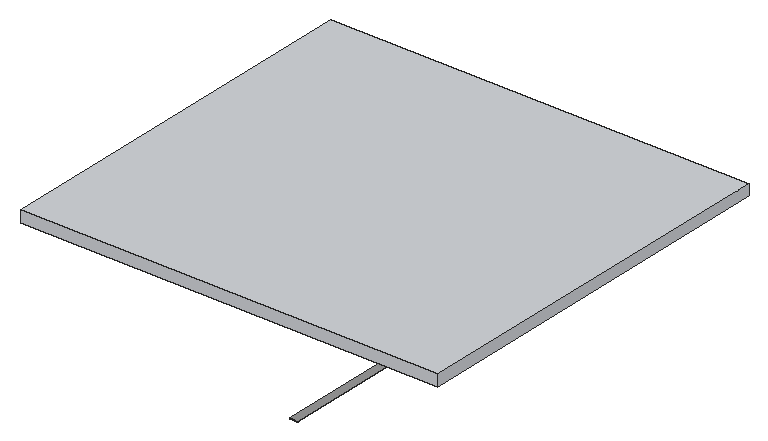
Revit family "1.Viraj 45 Pendant 1200 v1", category Air Terminals, host Face, Revit 2020
Family settings
  Host = Face
  Round Connector Dimension = Use Diameter
  Part Type = Normal
  OmniClass Number = 23.75.70.21.27.11
  OmniClass Title = Diffusers, Registers, and Grilles
  Cut with Voids When Loaded = No
  Shared = No
  Room Calculation Point = No
Parameters (values of type "Standard")
  Width 5 = Diffuser Half Width + 32 mm  # 73.5 mm
  Width 4 = Diffuser Half Width / 4  # 10.375 mm
  Width 3 = Diffuser Half Width / 3  # 13.833 mm
  Width 2 = Diffuser Half Width / 2  # 20.75 mm
  Width 1 = Diffuser Width / 2 + 12.5 mm  # 54 mm
  Slot Width = 25 mm
  Slot Number = 2
  Radius = (Duct Height / 2) - 1.5 mm  # 73.5 mm
  Pressure Drop [instance] = 18.0 Pa
  Duct Height = 150 mm
  Duct Width = 200 mm
  Length 1 = Diffuser Length / 2 + 12.5 mm  # 622 mm
  Flow [instance] = 57.0 L/s
  Diffuser material = none
  Diffuser Half Length = Diffuser Length * 1 / 2  # 609.5 mm
  Diffuser Width = 83 mm
  Diffuser Length = 1219 mm
  Diffuser Half Width = Diffuser Width * 1 / 2  # 41.5 mm
  Default Elevation = 1200 mm
  Assembly Code = ""
  Slot Visibility 4 = Slot Number = 4  # no
  Slot Visibility 3 = Slot Number = 3  # no
  Slot Visibility 2 = Slot Number = 2  # yes
  Slot Visibility 1 = Slot Number = 1  # no
Reference planes
  plane 1 "Centre (Front/Back)": y = 0
  plane 2: z = 0
  plane 3 "Centre (Left/Right)": x = 0
  plane 4: y = -41.5
  plane 5: y = -54
  plane 6: y = 54
  plane 7: y = 41.5
  plane 8: x = -609.5
  plane 9: x = 622
  plane 10: x = 609.5
  plane 11: x = -622
  plane 12 "top surface": z = 3.175
  plane 13: z = -279.4
  plane 14: z = -234.95
  plane 15: z = -159.95
  plane 16: y = -73.5
  plane 17: y = 20.75
  plane 18: y = -20.75
  plane 19: y = 27.667
  plane 20: y = -27.667
  plane 21: y = 10.375
  plane 22: y = 31.125
  plane 23: y = -10.375
  plane 24: y = -31.125
  plane 25: z = -158.45
  plane 26: z = -161.45
  plane 27: z = -84.95
  plane 28: x = -100
  plane 29: x = 100
  plane 30: x = -26.5
  plane 31: x = 26.5
Forms (mm)
  Extrusion 1, solid
    sketch origin (-322.134, 0, 0) x (1, 0, 0) y (0, 1, 0)
      loop
        line (-607.214, 920) -> (-607.214, -885.456) -> (1333.965, -885.456) -> (1333.965, 920) -> (-607.214, 920)
    from -252.071 to -304.8
  Extrusion 2, solid, material "Light"
    sketch origin (90.733, 614, -888.829) x (1, 0, 0) y (0, 1, 0)
      loop
        line (38.9, -1209.24) -> (38.9, -9.532) -> (-0.3, -9.532) -> (-0.3, -1209.24) -> (38.9, -1209.24)
    from -0.048 to 1.6
Lines and regions (mm)
  symbolic lines, visible <- "Slot Visibility 1", detail levels fine
    curve 1: line (-609.5, 0, 0) -> (609.5, 0, 0)
  symbolic lines, visible <- "Slot Visibility 3", detail levels fine
    curve 2: line (-609.5, 0, 0) -> (609.5, 0, 0)
    curve 7: line (-609.5, 27.667, 0) -> (609.5, 27.667, 0)
    curve 8: line (-609.5, -27.667, 0) -> (609.5, -27.667, 0)
  symbolic lines, visible <- "Slot Visibility 4", detail levels fine
    curve 3: line (-609.5, 10.375, 0) -> (609.5, 10.375, 0)
    curve 4: line (-609.5, -10.375, 0) -> (609.5, -10.375, 0)
    curve 9: line (-609.5, 31.125, 0) -> (609.5, 31.125, 0)
    curve 10: line (-609.5, -31.125, 0) -> (609.5, -31.125, 0)
  symbolic lines, visible <- "Slot Visibility 2", detail levels fine
    curve 5: line (-609.5, 20.75, 0) -> (609.5, 20.75, 0)
    curve 6: line (-609.5, -20.75, 0) -> (609.5, -20.75, 0)
  symbolic lines
    curve 11: line (-622, 54, 0) -> (622, 54, 0)
    curve 12: line (-622, -54, 0) -> (-622, 54, 0)
    curve 13: line (622, -54, 0) -> (-622, -54, 0)
    curve 14: line (622, 54, 0) -> (622, -54, 0)
  symbolic lines, detail levels fine
    curve 15: line (-609.5, 41.5, 0) -> (609.5, 41.5, 0)
    curve 16: line (-609.5, -41.5, 0) -> (-609.5, 41.5, 0)
    curve 17: line (609.5, -41.5, 0) -> (-609.5, -41.5, 0)
    curve 18: line (609.5, 41.5, 0) -> (609.5, -41.5, 0)
Dimensions and locks
  locked: level to plane 12 "top surface" at 3.175
  locked: level to plane 13 at 279.4
  locked: plane 14 to plane 13 at 44.45
  "Length 1": plane 3 "Centre (Left/Right)" to plane 9
  "Length 1": plane 11 to plane 3 "Centre (Left/Right)"
  "Width 1": plane 6 to plane 1 "Centre (Front/Back)"
  "Width 1": plane 5 to plane 1 "Centre (Front/Back)"
  "Diffuser Half Length": plane 8 to plane 3 "Centre (Left/Right)"
  "Diffuser Half Length": plane 3 "Centre (Left/Right)" to plane 10
  "Diffuser Half Width": plane 1 "Centre (Front/Back)" to plane 7
  "Diffuser Half Width": plane 4 to plane 1 "Centre (Front/Back)"
  "Width 2": plane 1 "Centre (Front/Back)" to plane 17
  "Width 2": plane 18 to plane 1 "Centre (Front/Back)"
  "Width 3": plane 19 to plane 7
  "Width 3": plane 20 to plane 4
  "Width 4": plane 21 to plane 1 "Centre (Front/Back)"
  "Width 4": plane 22 to plane 7
  "Width 4": plane 23 to plane 1 "Centre (Front/Back)"
  "Width 4": plane 24 to plane 4
  "Width 5": plane 16 to plane 1 "Centre (Front/Back)"
  plane 25 to plane 26 = 3 mm
  equal spacing: plane 25, plane 15, plane 26
  "Duct Height": plane 27 to plane 14
  equal spacing: plane 27, plane 15, plane 14
  "Duct Width": plane 29 to plane 28
  equal spacing: plane 29, plane 3 "Centre (Left/Right)", plane 28
  "Radius": plane 30 to plane 28
  "Radius": plane 29 to plane 31
Automatic sketch dimensions
  Extrusion 1 sketch curve to Extrusion 1 sketch curve = 1941.179 mm
  Extrusion 1 sketch curve to Extrusion 1 sketch curve = 1805.456 mm
  curve 11 to plane 6 = 0 mm
  curve 11 to plane 11 = 0 mm
  curve 3 to plane 8 = 0 mm
  curve 9 to plane 10 = 0 mm
  plane 5 to curve 13 = 0 mm
  curve 13 to plane 9 = 0 mm
  curve 16 to plane 4 = 0 mm
  plane 24 to curve 10 = 0 mm
  curve 8 to plane 20 = 0 mm
  plane 18 to curve 6 = 0 mm
  plane 23 to curve 4 = 0 mm
  plane 1 "Centre (Front/Back)" to curve 2 = 0 mm
  plane 1 "Centre (Front/Back)" to curve 1 = 0 mm
  curve 3 to plane 21 = 0 mm
  plane 17 to curve 5 = 0 mm
  curve 7 to plane 19 = 0 mm
  curve 9 to plane 22 = 0 mm
  plane 7 to curve 15 = 0 mm
  Extrusion 2 sketch curve to plane 29 = 9.567 mm
  plane 29 to Extrusion 2 sketch curve = 29.633 mm
  Extrusion 2 sketch curve to plane 16 = 521.74 mm
  plane 6 to Extrusion 2 sketch curve = 550.468 mm
